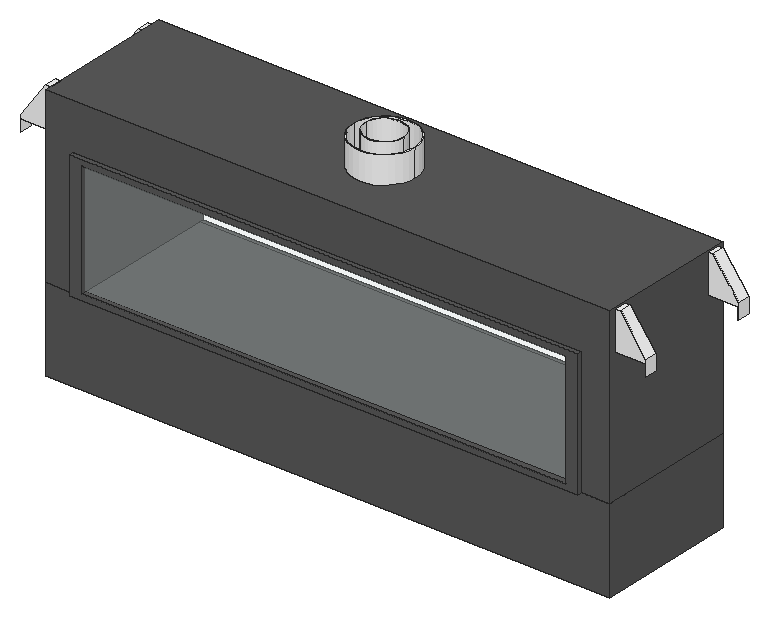
Revit family "D63ST", category Generic Models, Revit 2019
Family settings
  Can host rebar = No
  Round Connector Dimension = Use Diameter
  Part Type = Normal
  Work Plane-Based = No
  Always vertical = Yes
  Cut with Voids When Loaded = No
  Shared = No
  Room Calculation Point = No
Parameters
  Width = 18 3/8"
  URL = "https://www.montigo.com/"
  Model = ""
  Manufacturer Fax = ""
  Manufacturer Website = "https://www.montigo.com/"
  Manufacturer Phone - Toll Free = "800-378-3115"
  Manufacturer Phone = ""
  Manufacturer Address = "27342 Gloucester Way  Langley, BC, Canada   V4W 4A1"
  Manufacturer = "Montigo"
  Length = 72 7/8"
  Keynote = ""
  Glazing Tint = Glass - Montigo - Tint as Specified
  Frame Material = Metal - Montigo - Black
  Firebox Material = Metal - Montigo - White
  Fire Place Length = 65 9/16"
  Fire Place Height = 33 1/8"
  Fire Place - Opening = 16 5/16"
  Description = "Montigo Fireplace as Specified"
  Base Height = 10 7/8"
Reference planes (in)
  plane 1 "Center (Front/Back)": y = 0
  plane 2: z = 0
  plane 3 "Center (Left/Right)": x = 0
  plane 4: x = -36.4375
  plane 5: x = 36.4375
  plane 6: y = 9.1875
  plane 7: y = -9.1875
  plane 8: z = 10.875
  plane 9: z = 27.1875
  plane 10: z = 33.125
  plane 11: x = -32.78125
  plane 12: x = 32.78125
Forms (in)
  Extrusion 1, solid, material "Metal - Montigo - Black" <- "Frame Material"
    sketch origin (0, 0, 0) x (1, 0, 0) y (0, 1, 0)
      loop
        line (-36.4375, 9.1875) -> (-36.4375, -9.1875) -> (36.4375, -9.1875) -> (36.4375, 9.1875) -> (-36.4375, 9.1875)
    from 0 to 10.875
  Extrusion 2, solid, material "Metal - Montigo - Black" <- "Frame Material"
    sketch origin (0, 0, 0) x (1, 0, 0) y (0, 1, 0)
      loop
        line (-36.4375, 9.1875) -> (-36.4375, -9.1875) -> (36.4375, -9.1875) -> (36.4375, 9.1875) -> (-36.4375, 9.1875)
    from 10.875 to 33.125
  Extrusion 3, solid, material "Metal - Montigo - Black" <- "Frame Material"
    sketch origin (0, 0, 0) x (1, 0, 0) y (0, 0, 1)
      loop
        line (-32.78125, 27.1875) -> (-32.78125, 10.875) -> (32.78125, 10.875) -> (32.78125, 27.1875) -> (-32.78125, 27.1875)
      loop
        line (31.28125, 26.4375) -> (-31.28125, 26.4375) -> (-31.28125, 11.625) -> (31.28125, 11.625) -> (31.28125, 26.4375)
    from -9.75 to 9.75
  Extrusion 4, void
    sketch origin (0, 0, 0) x (1, 0, 0) y (0, 0, 1)
      loop
        line (-32.78125, 27.1875) -> (-32.78125, 10.875) -> (32.78125, 10.875) -> (32.78125, 27.1875) -> (-32.78125, 27.1875)
    from -12.26802 to 12
  Extrusion 5, solid, material "Glass - Montigo - Tint as Specified" <- "Glazing Tint"
    sketch origin (0, 0, 0) x (1, 0, 0) y (0, 1, 0)
      loop
        line (-31.28125, 9.1875) -> (-31.28125, -9.1875) -> (31.28125, -9.1875) -> (31.28125, 9.1875) -> (-31.28125, 9.1875)
    from 11.625 to 26.4375
  Extrusion 6, solid, material "Metal - Montigo - White" <- "Firebox Material"
    sketch origin (145.25717, 0, -10.13625) x (1, 0, 0) y (0, 0, 1)
      loop
        line (-108.81967, 43.16125) -> (-108.81967, 38.16125) -> (-104.88867, 38.16125) -> (-104.88867, 36.66125) -> (-104.82867, 36.66125) -> (-104.82867, 38.62838) -> (-108.15867, 43.16125) -> (-108.81967, 43.16125)
    from 6.65959 to 8.25
  Extrusion 7, solid, material "Metal - Montigo - White" <- "Firebox Material"
    sketch origin (145.25717, 0, -10.13625) x (1, 0, 0) y (0, 0, -1)
      loop
        line (-108.81967, -43.16125) -> (-108.15867, -43.16125) -> (-104.82867, -38.62838) -> (-104.82867, -36.66125) -> (-104.88867, -36.66125) -> (-104.88867, -38.16125) -> (-108.81967, -38.16125) -> (-108.81967, -43.16125)
    from 6.65959 to 8.25
  Extrusion 8, solid, material "Metal - Montigo - White" <- "Firebox Material"
    sketch origin (-145.25717, 0, -10.13625) x (-1, 0, 0) y (0, 0, -1)
      loop
        line (-108.81967, -43.16125) -> (-108.15867, -43.16125) -> (-104.82867, -38.62838) -> (-104.82867, -36.66125) -> (-104.88867, -36.66125) -> (-104.88867, -38.16125) -> (-108.81967, -38.16125) -> (-108.81967, -43.16125)
    from 6.65959 to 8.25
  Extrusion 9, solid, material "Metal - Montigo - White" <- "Firebox Material"
    sketch origin (-145.25717, 0, -10.13625) x (-1, 0, 0) y (0, 0, 1)
      loop
        line (-108.81967, 43.16125) -> (-108.81967, 38.16125) -> (-104.88867, 38.16125) -> (-104.88867, 36.66125) -> (-104.82867, 36.66125) -> (-104.82867, 38.62838) -> (-108.15867, 43.16125) -> (-108.81967, 43.16125)
    from 6.65959 to 8.25
Cuts and joins
  Extrusion 4 cuts Extrusion 2
Dimensions and locks (in)
  equal spacing: plane 6, plane 1 "Center (Front/Back)", plane 7
  "Width": plane 6 to plane 7
  "Length": plane 4 to plane 5
  equal spacing: plane 4, plane 3 "Center (Left/Right)", plane 5
  "Base Height": plane 8 to plane 2
  "Fire Place - Opening": plane 9 to plane 8
  "Fire Place Height": plane 10 to plane 2
  "Fire Place Length": plane 12 to plane 11
  equal spacing: plane 12, plane 3 "Center (Left/Right)", plane 11
  plane 5 to plane 4 = 72 7/8"
  locked: Extrusion 3 to plane 7 at 0.5625
  locked: Extrusion 3 to plane 6 at 0.5625
  aligned and locked: level to plane 2
  aligned and locked: plane 6 to Extrusion 1
  aligned and locked: plane 7 to Extrusion 1
  aligned and locked: Extrusion 1 to plane 4
  aligned and locked: Extrusion 1 to plane 5
  aligned and locked: plane 8 to Extrusion 1
  aligned and locked: plane 10 to Extrusion 2
  aligned and locked: Extrusion 2 to plane 8
  aligned and locked: Extrusion 3 sketch curve to plane 9
  aligned and locked: plane 11 to Extrusion 3 sketch curve
  aligned and locked: plane 12 to Extrusion 3 sketch curve
  aligned and locked: Extrusion 4 to plane 11
  aligned and locked: Extrusion 4 to plane 12
  aligned and locked: Extrusion 4 sketch curve to plane 9
  aligned and locked: plane 8 to Extrusion 4 sketch curve
  aligned and locked: plane 12 to Extrusion 4 sketch curve
  aligned and locked: plane 11 to Extrusion 4 sketch curve
  aligned and locked: Extrusion 5 sketch curve to plane 6
  aligned and locked: Extrusion 5 sketch curve to plane 7
  aligned and locked: nested 1 to plane 1 "Center (Front/Back)"
  aligned and locked: nested 1 to plane 3 "Center (Left/Right)"
Automatic sketch dimensions
  Extrusion 1 sketch curve to plane 4 = 0"
  Extrusion 1 sketch curve to plane 5 = 0"
  plane 7 to Extrusion 1 sketch curve = 0"
  Extrusion 1 sketch curve to plane 6 = 0"
  Extrusion 2 sketch curve to plane 4 = 0"
  Extrusion 2 sketch curve to plane 5 = 0"
  plane 7 to Extrusion 2 sketch curve = 0"
  Extrusion 2 sketch curve to plane 6 = 0"
  plane 5 to Extrusion 6 sketch curve = 0"
  Extrusion 6 sketch curve to plane 10 = 0.1"
  Extrusion 6 sketch curve to plane 5 = 0.661"
  Extrusion 6 sketch curve to plane 5 = 3.93101"
  Extrusion 6 sketch curve to Extrusion 6 sketch curve = 0.06"
  Extrusion 6 sketch curve to plane 10 = 4.63287"
  Extrusion 6 sketch curve to Extrusion 6 sketch curve = 0.46713"
  Extrusion 6 sketch curve to Extrusion 6 sketch curve = 1 1/2"
  plane 5 to Extrusion 7 sketch curve = 0"
  Extrusion 7 sketch curve to plane 10 = 0.1"
  Extrusion 7 sketch curve to plane 5 = 0.661"
  Extrusion 7 sketch curve to plane 5 = 3.93101"
  Extrusion 7 sketch curve to Extrusion 7 sketch curve = 0.06"
  Extrusion 7 sketch curve to plane 10 = 4.63287"
  Extrusion 7 sketch curve to Extrusion 7 sketch curve = 0.46713"
  Extrusion 7 sketch curve to Extrusion 7 sketch curve = 1 1/2"
  Extrusion 8 sketch curve to plane 4 = 0"
  plane 10 to Extrusion 8 sketch curve = 0.1"
  plane 4 to Extrusion 8 sketch curve = 0.661"
  plane 4 to Extrusion 8 sketch curve = 3.93101"
  Extrusion 8 sketch curve to Extrusion 8 sketch curve = 0.06"
  plane 10 to Extrusion 8 sketch curve = 4.63287"
  Extrusion 8 sketch curve to Extrusion 8 sketch curve = 0.46713"
  Extrusion 8 sketch curve to Extrusion 8 sketch curve = 1 1/2"
  Extrusion 9 sketch curve to plane 4 = 0"
  Extrusion 9 sketch curve to plane 10 = 0.1"
  Extrusion 9 sketch curve to plane 4 = 0.661"
  Extrusion 9 sketch curve to plane 4 = 3.93101"
  Extrusion 9 sketch curve to Extrusion 9 sketch curve = 0.06"
  Extrusion 9 sketch curve to plane 10 = 4.63287"
  Extrusion 9 sketch curve to Extrusion 9 sketch curve = 0.46713"
  Extrusion 9 sketch curve to Extrusion 9 sketch curve = 1 1/2"
  plane 11 to Extrusion 3 sketch curve = 1 1/2"
  Extrusion 3 sketch curve to plane 9 = 3/4"
  plane 12 to Extrusion 3 sketch curve = 1 1/2"
  plane 8 to Extrusion 3 sketch curve = 3/4"
  Extrusion 3 sketch curve to plane 8 = 0"
  plane 12 to Extrusion 5 sketch curve = 1 1/2"
  plane 11 to Extrusion 5 sketch curve = 1 1/2"
Nested families (in)
  nested 1: "Duct Dia" at (0, 0, 33.125) x (-1, 0, 0) z (0, 0, 1), type "5""
    with Intake Duct Dia 5", Intake Diameter 4 7/8", Height 4 1/8"
  nested 2: "Duct Dia" at (0, 0, 33.125) x (-1, 0, 0) z (0, 0, 1), type "8""
    with Intake Duct Dia 8", Intake Diameter 7 7/8", Height 3 1/2"
Connectors (in)
  hvac at (0, 0, 37.25)
    settings: on nested 1, index 2, duct flow 0.0 L/s, flow factor 0, pres drop 0.0 Pa, loss coef 0, conn angle 0.00°, conn width 304.8 mm, conn height 304.8 mm, conn diameter 127 mm, duct sys type 3, conn prof type 0, flow config 0, flow direction 0, loss method 0, conn ref index -1, conn util no, is conn primary yes, conn desc ""
  hvac at (0, 0, 36.625)
    settings: on nested 2, index 3, duct flow 0.0 L/s, flow factor 0, pres drop 0.0 Pa, loss coef 0, conn angle 0.00°, conn width 304.8 mm, conn height 304.8 mm, conn diameter 203.2 mm, duct sys type 3, conn prof type 0, flow config 0, flow direction 0, loss method 0, conn ref index -1, conn util no, is conn primary no, conn desc ""
Definition of nested family "Duct Dia"
  Parameters (values of type "15 7/8" Dia.")
    Intake Duct Dia = 15 7/8"
    Intake Diameter = Intake Duct Dia - 1/8"  # 15 3/4"
    Height = 4"
    Firebox Material = none
    Default Elevation = 48"
  Types (12): name | Intake Duct Dia | Intake Diameter | Height
    9 7/8" Dia. | 9 7/8" | 9 3/4" | 4"
    7 7/8" Dia | 7 7/8" | 7 3/4" | 4"
    8 1/8" Dia | 8 1/8" | 8" | 1/4"
    11 3/4" Dia | 11 3/4" | 11 5/8" | 4"
    4" Dia | 10" | 9 7/8" | 4"
    7 3/4" Dia | 7 3/4" | 7 5/8" | 4"
    6 7/8" Dia | 6 7/8" | 6 3/4" | 1/4"
    9 3/4" Dia. | 9 3/4" | 9 5/8" | 4"
    7 1/8" Dia | 7 1/8" | 7" | 1/4"
    11 7/8" Dia. | 11 7/8" | 11 3/4" | 4"
    13 7/8" Dia. | 13 7/8" | 13 3/4" | 4"
    15 7/8" Dia. | 15 7/8" | 15 3/4" | 4"
  Reference planes (in)
    plane 1 "Center (Front/Back)": y = 0
    plane 2: z = 0
    plane 3 "Center (Left/Right)": x = 0
    plane 4: z = 4
  Forms (in)
    Extrusion 1, solid
      sketch origin (0, 0, 0) x (1, 0, 0) y (0, 1, 0)
        loop
          line (-48, 48) -> (-48, -48) -> (48, -48) -> (48, 48) -> (-48, 48)
      from 0 to -12
    Extrusion 2, solid, material <- "Firebox Material"
      sketch origin (0, 0, 0) x (1, 0, 0) y (0, 1, 0)
        loop
          circle (0, 0) r 7.9375
        loop
          circle (0, 0) r 7.875
      from 0 to 4
  Dimensions and locks (in)
    "Height": plane 4 to level
    "Intake Duct Dia": diameter of Extrusion 2 sketch curve
    "Intake Diameter": diameter of Extrusion 2 sketch curve
    aligned and locked: plane 2 to Extrusion 1
    aligned and locked: level to Extrusion 1
    aligned and locked: plane 4 to Extrusion 2
  Automatic sketch dimensions
    Extrusion 1 sketch curve to Extrusion 1 sketch curve = 96"  (x2)
    Extrusion 2 sketch curve to Extrusion 2 sketch curve = 0"  (x2)
    plane 1 "Center (Front/Back)" to Extrusion 2 sketch curve = 0"
    Extrusion 2 sketch curve to plane 3 "Center (Left/Right)" = 0"
